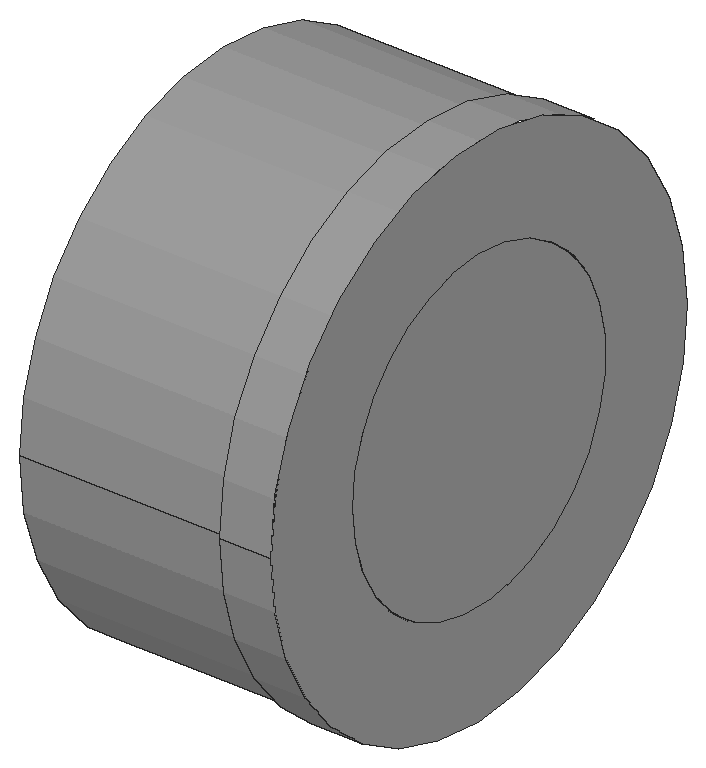
Revit family "2M_Check Valve_UNIVAL_CHE-0601 - 125-200 mm", category Pipe Accessories, Revit 2016
Family settings
  Part Type = Valve - Breaks Into
  Round Connector Dimension = Use Diameter
  OmniClass Number = 23.65.55.14
  OmniClass Title = Valves for Liquid Services
  Work Plane-Based = No
  Always vertical = Yes
  Cut with Voids When Loaded = No
  Shared = No
Parameters (values of type "DN125")
  d2 = d * 0.98  # 180.32 mm
  d1 = 112 mm
  built-in parameter 1114242 [instance] = 1
  URL = "http://www.unival.com.tr/"
  Symbol_w = L * 0.58  # 52.2 mm
  Symbol_h1 = Symbol_w / 16  # 3.262 mm
  Symbol_L3 = L * 0.81  # 72.9 mm
  Symbol_L2 = Symbol_w / 4  # 13.05 mm
  Spring Material = "Stainless steel"
  Pressure Rating = "PN16"
  Model = "CHE-0601X125"
  Max. Working Temperature = "180°C"
  Manufacturer = "Giacomini Unival\r\nGiacomini Unival\r\nGiacomini Unival"
  Loss Method = Not Defined
  L1 = L / 5  # 18 mm
  L = 90 mm
  Guide Material = "Ductile iron (GGG50)"
  Disc Material = "Ductile iron / Stainless steel (GGG50)"
  Description TR = "Disk tipi çek vana"  # constant formula
  Description = "Disk check valve"
  DN = 125 mm
  Connection Type = "Wafer"
  Certifications = "TSE, EAC, CE"
  Body Material = "Ductile iron / Stainless steel (GGG50)"
  d = 184 mm
  Standard No = "TS 1074"
Types (3, lengths in mm): name | d2 | d1 | Symbol_w | Symbol_h1 | Symbol_L3 | Symbol_L2 | Model | L1 | L | DN | d
  DN125 | 180.32 | 112 | 52.2 | 3.262 | 72.9 | 13.05 | "CHE-0601X125" | 18 | 90 | 125 | 184
  DN150 | 204.82 | 132 | 61.48 | 3.842 | 85.86 | 15.37 | "CHE-0601X150" | 21.2 | 106 | 150 | 209
  DN200 | 258.72 | 175 | 81.2 | 5.075 | 113.4 | 20.3 | "CHE-0601X200" | 28 | 140 | 200 | 264
Reference planes
  plane 1 "Center (Front/Back)": y = 0
  plane 2: z = 0
  plane 3 "Center (Left/Right)": x = 0
  plane 4: x = 45
  plane 5: x = 27
  plane 6: x = -45
Forms (mm)
  Extrusion 1, solid, material "UNIVAL_Black", detail levels fine
    sketch origin (60.128, 265.788, 1.133) x (0, 0, 1) y (0, 1, 0)
      loop
        circle (-1.133, -265.788) r 56
    from 15.128 to 105.128
  Extrusion 2, solid, material "UNIVAL_Black", detail levels fine
    sketch origin (45, -586.654, 1200) x (0, -1, 0) y (0, 0, 1)
      loop
        circle (-586.654, -1200) r 92
      loop
        circle (-586.654, -1200) r 62.5
    from 0 to 18
  Extrusion 3, solid, material "UNIVAL_Black", detail levels fine
    sketch origin (45, -586.654, 1200) x (0, -1, 0) y (0, 0, 1)
      loop
        circle (-586.654, -1200) r 90.16
      loop
        circle (-586.654, -1200) r 56
    from 0 to 90
Cuts and joins
  joined: Extrusion 2, Extrusion 3
Lines and regions (mm)
  model lines, not visible, detail levels coarse+medium
    curve 1: line (-45, 26.1, 0) -> (45, 26.1, 0)
    curve 3: line (45, -26.1, 0) -> (-45, -26.1, 0)
  model lines, detail levels coarse+medium
    curve 2: line (-45, -26.1, 0) -> (-45, 26.1, 0)
    curve 4: line (45, 26.1, 0) -> (45, -26.1, 0)
    curve 5: line (45, -26.1, 0) -> (-45, 26.1, 0)
    curve 6: line (-36.45, 29.362, 0) -> (36.45, 29.362, 0)
    curve 7: line (36.45, 29.362, 0) -> (23.4, 32.625, 0)
    curve 8: line (23.4, 32.625, 0) -> (23.4, 29.362, 0)
    curve 9: line (23.4, 29.362, 0) -> (36.45, 29.362, 0)
Dimensions and locks
  "L1": plane 5 to plane 4
  equal spacing: plane 6, plane 3 "Center (Left/Right)", plane 4
  "L": plane 6 to plane 4
  equal spacing: curve 1, plane 1 "Center (Front/Back)", curve 3
  "Symbol_w": curve 1 to curve 3
  "Symbol_L3": curve 6 to curve 6
  equal spacing: curve 6, plane 3 "Center (Left/Right)", curve 6
  "Symbol_h1": curve 6 to curve 7
  "Symbol_h1": curve 1 to curve 6
  "Symbol_L2": curve 9 to curve 9
  "d1": diameter of Extrusion 1 sketch curve
  "d": diameter of Extrusion 2 sketch curve
  "d2": diameter of Extrusion 3 sketch curve
  "d1": diameter of Extrusion 3 sketch curve
  "DN": diameter of Extrusion 2 sketch curve
  aligned and locked: level to plane 2
  aligned and locked: plane 4 to Extrusion 3  (x2)
  aligned and locked: Extrusion 3 to Extrusion 2
  aligned and locked: plane 4 to Extrusion 1
  aligned and locked: plane 6 to cut or joined group of Extrusion 2, Extrusion 3
  aligned and locked: plane 5 to Extrusion 2
  aligned and locked: cut or joined group of Extrusion 2, Extrusion 3 to Extrusion 1  (x2)
  aligned and locked: plane 1 "Center (Front/Back)" to Extrusion 1 sketch curve
  aligned and locked: plane 2 to Extrusion 1 sketch curve
  aligned and locked: plane 2 to Extrusion 3 sketch curve
  aligned and locked: plane 1 "Center (Front/Back)" to Extrusion 3 sketch curve
  aligned and locked: plane 2 to Extrusion 2 sketch curve
  aligned and locked: plane 1 "Center (Front/Back)" to Extrusion 2 sketch curve
  aligned and locked: connector elem to plane 1 "Center (Front/Back)"
  aligned and locked: curve 2 to Extrusion 1
  aligned and locked: curve 4 to Extrusion 1
Automatic sketch dimensions
  Extrusion 2 sketch curve to Extrusion 2 sketch curve = 0 mm  (x2)
  Extrusion 3 sketch curve to Extrusion 3 sketch curve = 0 mm  (x2)
Connectors
  piping at (-45, 0, 0), diameter 125, driven by "DN"
    settings: on cut or joined group of Extrusion 2, Extrusion 3, index 1, connector inside diameter 609.6 mm, connector length 0 mm, flow factor 0, pipe flow 0.0 L/s, pressure drop 0.0 Pa, fitting loss kfactor 0, connector angle 0.00°, fixture units 0, engagement length 0 mm, angle of deflection 0.00°, flow configuration 0, flow direction 0, fitting loss method 0, system type 29, joint type 0, gender type 0, connector reference index 2, connector utility 0, adjustable connector no, is connector primary yes, connector description ""
  piping at (45, 0, 0), diameter 125, driven by "DN"
    settings: on cut or joined group of Extrusion 2, Extrusion 3, index 2, connector inside diameter 609.6 mm, connector length 0 mm, flow factor 0, pipe flow 0.0 L/s, pressure drop 0.0 Pa, fitting loss kfactor 0, connector angle 0.00°, fixture units 0, engagement length 0 mm, angle of deflection 0.00°, flow configuration 0, flow direction 0, fitting loss method 0, system type 29, joint type 0, gender type 0, connector reference index 1, connector utility 0, adjustable connector no, is connector primary no, connector description ""
